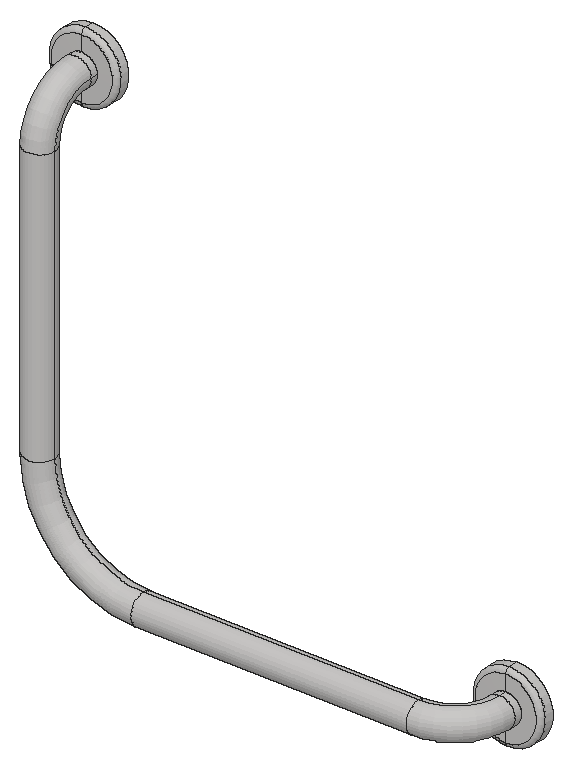
Revit family "RBA4090-450", category Plumbing Fixtures, Revit 2021
Family settings
  Round Connector Dimension = Use Diameter
  Part Type = Normal
  Work Plane-Based = No
  Always vertical = Yes
  Cut with Voids When Loaded = No
  Shared = Yes
  Room Calculation Point = No
Parameters
  Watermarked By = "www.rba.com.au"
  URL = "www.rba.com.au"
  Phone Number = ""
  OFFSET [instance] = 800.00 mm
  Model = "RBA4090-450"
  Materials & Finishes = #304 Stainless Steel, Satin Finish
  Manufacturer = "RBA Group"
  Lgth = 900.00 mm
  Diameter = 32.00 mm
  Description = "RTA SSS Single Wall 90° Rail, 450mm x 450mm"
  Default Elevation = 0.00 mm
  Copyrighted by = "RBA Group"  # constant formula
Reference planes
  plane 1 "Center (Front/Back)": y = 0
  plane 2: z = 0
  plane 3 "Center (Left/Right)": x = 160
  plane 4: z = 800
  plane 5: z = 784
  plane 6: z = 1234
  plane 7: y = -55
  plane 8: y = -71
  plane 9: y = -87
Forms (mm)
  Revolve 1, solid, material "#304 Stainless Steel, Satin Finish" <- "Materials & Finishes"
    sketch origin (159.282, 0, 0.016) x (0, 1, 0) y (0, 0, -1)
      loop
        line (-14.798, -1233.984) -> (-14.798, -1249.984)
        arc (-14.798, -1249.984) -> (-14.721, -1258.245) -> (-14.663, -1266.534) r 3642.758
        arc (-14.663, -1266.534) -> (-13.194, -1270.036) -> (-9.683, -1271.484) r 4.979
        line (-9.683, -1271.484) -> (0, -1271.484) -> (0, -1233.984) -> (-14.798, -1233.984)
      axis (0, -1233.984) -> (-14.798, -1233.984)
    angle from 0 to 360
  Extrusion 2, void
    sketch origin (159.282, 0, 0) x (-1, 0, 0) y (0, 0, -1)
      loop
        circle (0, -1234) r 36
    from 0 to 2.847
  Sweep 3, solid, material "#304 Stainless Steel, Satin Finish" <- "Materials & Finishes"
    path origin (159.282, 0, 0) x (0, 1, 0) y (0, 0, -1)
      loop
        line (-14.798, -1234) -> (-23, -1234)
        arc (-23, -1234) -> (-56.941, -1219.941) -> (-71, -1186) r 48
    profile origin (159.282, -18.899, 1234) x (0, 0, 1) y (-1, 0, 0)
      loop
        circle (0, 0) r 16
  Revolve 4, solid, material "#304 Stainless Steel, Satin Finish" <- "Materials & Finishes"
    sketch origin (609.282, 0, -449.984) x (0, 1, 0) y (0, 0, -1)
      loop
        line (-14.798, -1233.984) -> (-14.798, -1249.984)
        arc (-14.798, -1249.984) -> (-14.721, -1258.245) -> (-14.663, -1266.534) r 3642.758
        arc (-14.663, -1266.534) -> (-13.194, -1270.036) -> (-9.683, -1271.484) r 4.979
        line (-9.683, -1271.484) -> (0, -1271.484) -> (0, -1233.984) -> (-14.798, -1233.984)
      axis (0, -1233.984) -> (-14.798, -1233.984)
    angle from 0 to 360
  Extrusion 5, void
    sketch origin (609.282, 0, -450) x (-1, 0, 0) y (0, 0, -1)
      loop
        circle (0, -1234) r 36
    from 0 to 2.847
  Sweep 6, solid, material "#304 Stainless Steel, Satin Finish" <- "Materials & Finishes"
    path origin (-624.718, 0, 784) x (0, 1, 0) y (-1, 0, 0)
      loop
        line (-14.798, -1234) -> (-23, -1234)
        arc (-23, -1234) -> (-56.941, -1219.941) -> (-71, -1186) r 48
    profile origin (609.282, -18.899, 784) x (1, 0, 0) y (0, 0, 1)
      loop
        circle (0, 0) r 16
  Sweep 7, solid, material "#304 Stainless Steel, Satin Finish" <- "Materials & Finishes"
    path origin (159.282, -71, 0) x (-1, 0, 0) y (0, 0, -1)
      loop
        line (0, -1186) -> (0, -894)
        arc (0, -894) -> (-32.218, -816.218) -> (-110, -784) r 110
        line (-110, -784) -> (-402, -784)
    profile origin (159.282, -71, 1040) x (0, -1, 0) y (1, 0, 0)
      loop
        circle (0, 0) r 16
  Extrusion 8, void
    sketch origin (0, 0, 0) x (1, 0, 0) y (0, 0, 1)
      loop
        circle (131.782, 1234) r 5
      loop
        circle (186.782, 1234) r 5
      loop
        circle (581.782, 784) r 5
      loop
        circle (636.782, 784) r 5
    from 2.85 to 5.82
Cuts and joins
  Extrusion 2, Extrusion 8 cuts Revolve 1
  Extrusion 5, Extrusion 8 cuts Revolve 4
  joined: Sweep 3, Sweep 6, Sweep 7
Dimensions and locks
  plane 6 to plane 5 = 450.00 mm
  aligned and locked: level to plane 2
